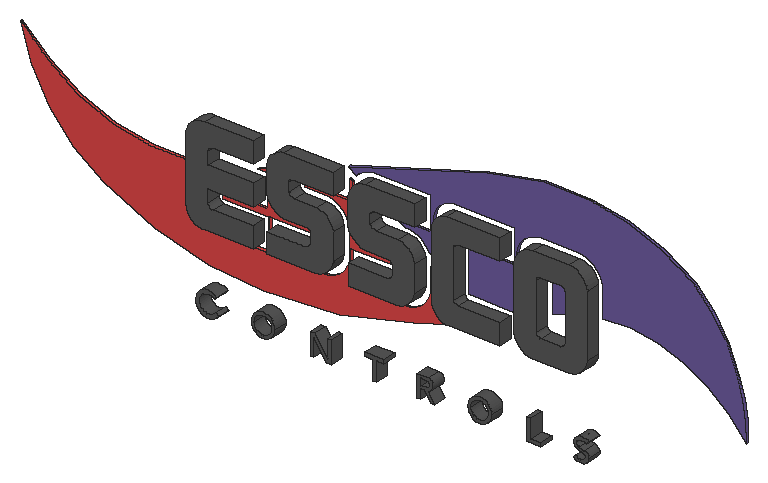
Revit family "ESS Twin", category Mechanical Equipment, Revit 2015
Parameters (values of type "ESS - Twin")
  Voltage = 240 V
  URL = "www.esscocontrols.co.uk"
  Space Heating Supply = 19.1 mm
  Space Heating Return = 19.1 mm
  Min working pressure DHW = "2 Bar"
  Max working temperature = 95 °C
  Max working pressure secondary(heating) = "3 Bar"
  Max working pressure primary = "10 Bar"
  Manufacturer = "Essco Controls Ltd"
  Load Classification = Other
  Heat transfer capacity = "5-70kW"
  External Cover Visibility [instance] = yes
  Domestic Hot Water = 19.1 mm
  Domestic Cold Water Outlet = 19.1 mm
  Domestic Cold Water Inlet = 19.1 mm
  Connections = "¾” BSP Insulated Pipe"
  Central Heating Supply = 19.1 mm
  Central Heating Return = 19.1 mm
Reference planes
  plane 1 "Center (Front/Back)": y = 0
  plane 2: z = 0
  plane 3 "Center (Left/Right)": x = 0
  plane 4: z = -25
Dimensions and locks
  aligned and locked: level to plane 2
Nested families
  nested 1: "ESSCO_Logo" at (100.137, -335.892, 38.538) x (1, 0, 0) z (0, -1, 0), visible <- "External Cover Visibility", type "ESSCO_Logo"
Connectors
  electrical at (285.137, -54.3, 375), driven by "Voltage", driven by "Load Classification"
    settings: on import instance, index 24, voltage 240 V, apparent load 0 VA, apparent load phase1 0 VA, apparent load phase2 0 VA, apparent load phase3 0 VA, power factor 1, load classification "Other", number of poles 1, system type 31, power factor state 1, is connector primary yes, connector utility no, sub classification motor no, connector description ""
  piping at (-220.153, -181.479, -116.3), diameter 19.1, driven by "Domestic Cold Water Outlet"
    settings: on import instance, index 25, connector inside diameter 609.6 mm, connector length 0 mm, flow factor 0, pipe flow 0.0 L/s, pressure drop 0.0 Pa, fitting loss kfactor 0, connector angle 0.00°, fixture units 0, engagement length 0 mm, angle of deflection 0.00°, flow configuration 0, flow direction 0, fitting loss method 0, system type 29, joint type 0, gender type 0, connector reference index -1, connector utility 0, adjustable connector no, is connector primary yes, connector description ""
  piping at (-160.153, -181.5, -116.3), diameter 19.1, driven by "Domestic Hot Water"
    settings: on import instance, index 26, connector inside diameter 609.6 mm, connector length 0 mm, flow factor 0, pipe flow 0.0 L/s, pressure drop 0.0 Pa, fitting loss kfactor 0, connector angle 0.00°, fixture units 0, engagement length 0 mm, angle of deflection 0.00°, flow configuration 0, flow direction 0, fitting loss method 0, system type 29, joint type 0, gender type 0, connector reference index -1, connector utility 0, adjustable connector no, is connector primary no, connector description ""
  piping at (-100.153, -181.5, -116.3), diameter 19.1, driven by "Domestic Cold Water Inlet"
    settings: on import instance, index 27, connector inside diameter 609.6 mm, connector length 0 mm, flow factor 0, pipe flow 0.0 L/s, pressure drop 0.0 Pa, fitting loss kfactor 0, connector angle 0.00°, fixture units 0, engagement length 0 mm, angle of deflection 0.00°, flow configuration 0, flow direction 0, fitting loss method 0, system type 29, joint type 0, gender type 0, connector reference index -1, connector utility 0, adjustable connector no, is connector primary no, connector description ""
  piping at (-40.153, -181.479, -169.3), diameter 19.1, driven by "Central Heating Supply"
    settings: on import instance, index 28, connector inside diameter 609.6 mm, connector length 0 mm, flow factor 0, pipe flow 0.0 L/s, pressure drop 0.0 Pa, fitting loss kfactor 0, connector angle 0.00°, fixture units 0, engagement length 0 mm, angle of deflection 0.00°, flow configuration 0, flow direction 0, fitting loss method 0, system type 29, joint type 0, gender type 0, connector reference index -1, connector utility 0, adjustable connector no, is connector primary no, connector description ""
  piping at (59.847, -181.5, -169.3), diameter 19.1, driven by "Central Heating Return"
    settings: on import instance, index 29, connector inside diameter 609.6 mm, connector length 0 mm, flow factor 0, pipe flow 0.0 L/s, pressure drop 0.0 Pa, fitting loss kfactor 0, connector angle 0.00°, fixture units 0, engagement length 0 mm, angle of deflection 0.00°, flow configuration 0, flow direction 0, fitting loss method 0, system type 29, joint type 0, gender type 0, connector reference index -1, connector utility 0, adjustable connector no, is connector primary no, connector description ""
  piping at (127.347, -181.5, -116.3), diameter 19.1, driven by "Space Heating Return"
    settings: on import instance, index 30, connector inside diameter 609.6 mm, connector length 0 mm, flow factor 0, pipe flow 0.0 L/s, pressure drop 0.0 Pa, fitting loss kfactor 0, connector angle 0.00°, fixture units 0, engagement length 0 mm, angle of deflection 0.00°, flow configuration 0, flow direction 0, fitting loss method 0, system type 29, joint type 0, gender type 0, connector reference index -1, connector utility 0, adjustable connector no, is connector primary no, connector description ""
  piping at (194.847, -181.5, -116.3), diameter 19.1, driven by "Space Heating Supply"
    settings: on import instance, index 31, connector inside diameter 609.6 mm, connector length 0 mm, flow factor 0, pipe flow 0.0 L/s, pressure drop 0.0 Pa, fitting loss kfactor 0, connector angle 0.00°, fixture units 0, engagement length 0 mm, angle of deflection 0.00°, flow configuration 0, flow direction 0, fitting loss method 0, system type 29, joint type 0, gender type 0, connector reference index -1, connector utility 0, adjustable connector no, is connector primary no, connector description ""
Definition of nested family "ESSCO_Logo"
  Parameters (values of type "ESSCO_Logo")
    Default Elevation = 1219.2 mm
  Reference planes
    plane 1 "Center (Front/Back)": y = 0
    plane 2: z = 0
    plane 3 "Center (Left/Right)": x = 0
  Forms (mm)
    Extrusion 1, solid
      sketch origin (0, 0, 0) x (1, 0, 0) y (0, 1, 0)
        loop
          line (-1219.2, 1219.2) -> (-1219.2, -1219.2) -> (1219.2, -1219.2) -> (1219.2, 1219.2) -> (-1219.2, 1219.2)
      from 0 to -304.8
    Extrusion 2, solid, not visible
      sketch origin (-780.708, -218.954, 0) x (1, 0, 0) y (0, 1, 0)
        loop
          line (765.202, 238.25) -> (756.391, 238.25) -> (756.391, 233.65) -> (767.198, 233.65)
          arc (767.198, 233.65) -> (769.96, 234.789) -> (771.37, 237.424) r 4.427
          line (771.37, 237.424) -> (771.37, 243.343)
          arc (771.37, 243.343) -> (770.134, 245.829) -> (767.579, 246.917) r 4.009
          line (767.579, 246.917) -> (762.551, 246.917)
          arc (762.551, 246.917) -> (761.785, 247.313) -> (761.33, 248.046) r 1.623
          line (761.33, 248.046) -> (761.33, 249.986)
          arc (761.33, 249.986) -> (761.654, 250.547) -> (762.251, 250.8) r 1.02
          line (762.251, 250.8) -> (771.404, 250.8) -> (771.404, 255.403) -> (760.268, 255.44)
          arc (760.268, 255.44) -> (757.619, 254.299) -> (756.334, 251.717) r 4.194
          line (756.334, 251.717) -> (756.334, 246.106)
          arc (756.334, 246.106) -> (757.651, 243.547) -> (760.203, 242.217) r 4.751
          line (760.203, 242.217) -> (765.586, 242.217)
          arc (765.586, 242.217) -> (766.07, 241.975) -> (766.346, 241.51) r 0.962
          line (766.346, 241.51) -> (766.346, 239.137)
          arc (766.346, 239.137) -> (765.906, 238.523) -> (765.202, 238.25) r 1.325
        loop
          line (783.58, 238.25) -> (774.77, 238.25) -> (774.77, 233.65) -> (785.576, 233.65)
          arc (785.576, 233.65) -> (788.339, 234.789) -> (789.748, 237.424) r 4.427
          line (789.748, 237.424) -> (789.748, 243.343)
          arc (789.748, 243.343) -> (788.512, 245.829) -> (785.957, 246.917) r 4.009
          line (785.957, 246.917) -> (780.93, 246.917)
          arc (780.93, 246.917) -> (780.163, 247.313) -> (779.709, 248.046) r 1.623
          line (779.709, 248.046) -> (779.709, 249.986)
          arc (779.709, 249.986) -> (780.033, 250.547) -> (780.63, 250.8) r 1.02
          line (780.63, 250.8) -> (789.748, 250.8) -> (789.748, 255.44) -> (778.646, 255.44)
          arc (778.646, 255.44) -> (775.998, 254.299) -> (774.712, 251.717) r 4.194
          line (774.712, 251.717) -> (774.712, 246.106)
          arc (774.712, 246.106) -> (776.029, 243.547) -> (778.581, 242.217) r 4.751
          line (778.581, 242.217) -> (783.964, 242.217)
          arc (783.964, 242.217) -> (784.448, 241.975) -> (784.725, 241.51) r 0.962
          line (784.725, 241.51) -> (784.725, 239.137)
          arc (784.725, 239.137) -> (784.284, 238.523) -> (783.58, 238.25) r 1.325
        loop
          arc (717.483, 233.441) -> (735.006, 226.419) -> (753.742, 224.114) r 73.174
          arc (753.742, 224.114) -> (770.834, 225.296) -> (787.428, 229.555) r 94.158
          arc (787.428, 229.555) -> (791.895, 230.99) -> (796.394, 232.32) r 201.87
          arc (796.394, 232.32) -> (793.235, 234.476) -> (792.132, 238.139) r 5.739
          line (792.132, 238.139) -> (792.132, 241.595) -> (791.372, 242.355) -> (791.372, 237.283)
          arc (791.372, 237.283) -> (789.663, 233.998) -> (786.322, 232.4) r 5.842
          line (786.322, 232.4) -> (773.328, 232.4) -> (773.328, 239.65) -> (783.482, 239.65) -> (783.482, 240.911) -> (779.179, 240.911)
          arc (779.179, 240.911) -> (775.771, 242.07) -> (773.652, 244.981) r 5.959
          line (773.652, 244.981) -> (773.652, 253.178) -> (772.981, 253.68) -> (772.981, 249.258) -> (763.01, 249.258) -> (763.01, 248.456) -> (767.382, 248.456)
          arc (767.382, 248.456) -> (771.397, 246.876) -> (772.976, 242.861) r 5.405
          line (772.976, 242.861) -> (772.976, 236.599)
          arc (772.976, 236.599) -> (771.067, 233.783) -> (767.986, 232.34) r 6.409
          line (767.986, 232.34) -> (755.053, 232.34) -> (755.053, 239.567) -> (764.939, 239.567) -> (764.939, 241.007) -> (759.709, 241.007)
          arc (759.709, 241.007) -> (756.851, 242.484) -> (755.081, 245.171) r 6.362
          line (755.081, 245.171) -> (755.081, 249.384) -> (752.294, 248.345) -> (754.679, 248.345) -> (754.679, 241.129) -> (744.455, 241.129) -> (744.455, 239.567) -> (754.749, 239.567) -> (754.749, 232.34) -> (741.67, 232.34)
          arc (741.67, 232.34) -> (738.35, 233.683) -> (736.534, 236.771) r 5.568
          line (736.534, 236.771) -> (736.534, 244.685)
          arc (736.534, 244.685) -> (715.847, 247.481) -> (698.712, 259.404) r 44.496
          arc (698.712, 259.404) -> (705.364, 244.446) -> (717.483, 233.441) r 39.721
        loop
          line (743.08, 239.396) -> (743.08, 242.228) -> (753.387, 242.228) -> (753.387, 246.947) -> (743.08, 246.947) -> (743.08, 249.826)
          arc (743.08, 249.826) -> (743.449, 250.441) -> (744.096, 250.752) r 1.248
          line (744.096, 250.752) -> (753.304, 250.8) -> (753.304, 255.44) -> (742.382, 255.431)
          arc (742.382, 255.431) -> (739.369, 254.356) -> (738.077, 251.429) r 4.047
          line (738.077, 251.429) -> (738.077, 237.359)
          arc (738.077, 237.359) -> (739.487, 234.55) -> (742.51, 233.689) r 3.906
          line (742.51, 233.689) -> (753.37, 233.689) -> (753.37, 238.311) -> (744.264, 238.311)
          arc (744.264, 238.311) -> (743.477, 238.64) -> (743.08, 239.396) r 1.259
        loop
          arc (793.546, 237.378) -> (794.759, 234.594) -> (797.617, 233.566) r 3.833
          line (797.617, 233.566) -> (808.98, 233.588) -> (808.98, 238.27) -> (799.355, 238.27)
          arc (799.355, 238.27) -> (798.853, 238.601) -> (798.576, 239.135) r 1.192
          line (798.576, 239.135) -> (798.576, 249.851)
          arc (798.576, 249.851) -> (798.93, 250.462) -> (799.568, 250.767) r 1.192
          line (799.568, 250.767) -> (808.996, 250.767) -> (808.98, 255.403) -> (796.945, 255.403)
          arc (796.945, 255.403) -> (794.524, 254.151) -> (793.546, 251.607) r 3.833
          line (793.546, 251.607) -> (793.546, 237.378)
        loop
          arc (822.659, 238.266) -> (823.401, 238.53) -> (823.747, 239.238) r 1.045
          line (823.747, 239.238) -> (823.747, 249.723)
          arc (823.747, 249.723) -> (823.401, 250.43) -> (822.659, 250.695) r 1.045
          line (822.659, 250.695) -> (818.281, 250.695)
          arc (818.281, 250.695) -> (817.539, 250.43) -> (817.192, 249.723) r 1.045
          line (817.192, 249.723) -> (817.192, 239.238)
          arc (817.192, 239.238) -> (817.539, 238.53) -> (818.281, 238.266) r 1.045
          line (818.281, 238.266) -> (822.659, 238.266)
        loop
          arc (828.741, 251.482) -> (827.367, 254.235) -> (824.509, 255.373) r 4.315
          line (824.509, 255.373) -> (816.431, 255.373)
          arc (816.431, 255.373) -> (813.572, 254.235) -> (812.198, 251.482) r 4.315
          line (812.198, 251.482) -> (812.198, 237.479)
          arc (812.198, 237.479) -> (813.572, 234.726) -> (816.431, 233.588) r 4.315
          line (816.431, 233.588) -> (824.509, 233.588)
          arc (824.509, 233.588) -> (827.367, 234.726) -> (828.741, 237.479) r 4.315
          line (828.741, 237.479) -> (828.741, 251.482)
        loop
          arc (804.088, 265.78) -> (788.416, 261.265) -> (772.941, 256.115) r 400.548
          line (772.941, 256.115) -> (774.585, 254.823)
          arc (774.585, 254.823) -> (776.673, 256.358) -> (779.209, 256.888) r 6.1
          line (779.209, 256.888) -> (791.31, 256.888) -> (791.31, 249.288) -> (783.767, 249.288) -> (785.763, 248.243)
          arc (785.763, 248.243) -> (788.787, 247.528) -> (790.824, 245.18) r 5.063
          line (790.824, 245.18) -> (791.97, 244.378) -> (791.97, 251.293)
          arc (791.97, 251.293) -> (793.782, 255.64) -> (798.331, 256.861) r 5.339
          line (798.331, 256.861) -> (810.351, 256.861) -> (810.351, 249.285) -> (799.961, 249.285) -> (799.961, 239.749) -> (810.43, 239.749) -> (810.43, 237.696) -> (810.823, 238.619) -> (810.823, 251.849)
          arc (810.823, 251.849) -> (812.801, 255.554) -> (816.809, 256.808) r 5.542
          line (816.809, 256.808) -> (824.255, 256.808)
          arc (824.255, 256.808) -> (828.188, 255.587) -> (830.208, 251.998) r 5.572
          line (830.208, 251.998) -> (830.208, 245.346)
          arc (830.208, 245.346) -> (839.541, 245.442) -> (848.51, 242.86) r 32.235
          arc (848.51, 242.86) -> (856.311, 238.134) -> (862.633, 231.561) r 35.134
          arc (862.633, 231.561) -> (862.312, 238.055) -> (860.558, 244.316) r 29.111
          arc (860.558, 244.316) -> (856.775, 252.688) -> (850.72, 259.596) r 31.222
          arc (850.72, 259.596) -> (839.727, 265.743) -> (827.396, 268.304) r 41.443
          arc (827.396, 268.304) -> (822.117, 268.545) -> (816.833, 268.418) r 75.982
          arc (816.833, 268.418) -> (810.401, 267.388) -> (804.088, 265.78) r 71.968
        loop
          line (822.364, 243.734) -> (822.364, 249.337) -> (818.831, 249.337) -> (818.831, 242.352)
          arc (818.831, 242.352) -> (820.591, 243.06) -> (822.364, 243.734) r 97.32
        loop
          line (744.61, 220.387) -> (745.176, 220.954)
          arc (745.176, 220.954) -> (740.362, 218.694) -> (745.435, 217.099) r 2.854
          line (745.435, 217.099) -> (744.781, 217.624)
          arc (744.781, 217.624) -> (741.22, 218.791) -> (744.61, 220.387) r 2.016
        loop
          circle (755.539, 218.954) r 2.016
        loop
          circle (755.539, 218.954) r 2.661
        loop
          circle (804.443, 218.954) r 2.016
        loop
          circle (804.443, 218.954) r 2.661
        loop
          line (766.21, 221.451) -> (766.21, 216.54) -> (767.001, 216.54) -> (767.001, 220.549) -> (769.932, 216.48) -> (770.962, 216.48) -> (770.962, 221.433) -> (770.141, 221.433) -> (770.141, 217.282) -> (767.191, 221.451) -> (766.21, 221.451)
        loop
          line (778.523, 221.574) -> (778.523, 220.764) -> (780.333, 220.764) -> (780.333, 216.439) -> (781.143, 216.439) -> (781.143, 220.774) -> (782.864, 220.774) -> (782.864, 221.574) -> (778.523, 221.574)
        loop
          arc (792.613, 218.754) -> (793.911, 219.978) -> (792.858, 221.418) r 1.348
          line (792.858, 221.418) -> (790.282, 221.418) -> (790.282, 216.522) -> (791.092, 216.522) -> (791.092, 218.649) -> (792.005, 218.649) -> (793.291, 216.476) -> (794.238, 216.476) -> (792.613, 218.754)
        loop
          arc (792.589, 219.268) -> (793.17, 220.029) -> (792.601, 220.799) r 0.797
          line (792.601, 220.799) -> (791.092, 220.799) -> (791.092, 219.268) -> (792.589, 219.268)
        loop
          line (815.927, 221.44) -> (815.117, 221.44) -> (815.117, 216.452) -> (818.244, 216.452) -> (818.244, 217.262) -> (815.927, 217.262) -> (815.927, 221.44)
        loop
          line (828.525, 220.587) -> (829.092, 221.154)
          arc (829.092, 221.154) -> (827.218, 221.665) -> (825.676, 220.484) r 2.188
          arc (825.676, 220.484) -> (825.689, 219.876) -> (825.932, 219.317) r 1.575
          arc (825.932, 219.317) -> (826.858, 218.782) -> (827.866, 218.423) r 5.88
          arc (827.866, 218.423) -> (828.262, 218.167) -> (828.332, 217.7) r 0.573
          arc (828.332, 217.7) -> (827.289, 217.01) -> (826.156, 217.541) r 1.277
          line (826.156, 217.541) -> (825.566, 217.024)
          arc (825.566, 217.024) -> (826.655, 216.436) -> (827.892, 216.41) r 2.636
          arc (827.892, 216.41) -> (828.75, 216.933) -> (829.141, 217.859) r 1.639
          arc (829.141, 217.859) -> (828.747, 218.639) -> (827.99, 219.074) r 1.525
          arc (827.99, 219.074) -> (827.407, 219.251) -> (826.839, 219.472) r 7.945
          arc (826.839, 219.472) -> (826.433, 219.861) -> (826.417, 220.423) r 0.742
          arc (826.417, 220.423) -> (827.436, 220.95) -> (828.525, 220.587) r 1.475
      from 0 to 5
    Extrusion 3, solid
      sketch origin (0, 0, 0) x (1, 0, 0) y (0, 1, 0)
        loop
          arc (-63.225, 14.487) -> (-45.702, 7.465) -> (-26.966, 5.16) r 73.174
          arc (-26.966, 5.16) -> (-9.874, 6.342) -> (6.72, 10.601) r 94.158
          arc (6.72, 10.601) -> (11.187, 12.035) -> (15.686, 13.366) r 201.87
          arc (15.686, 13.366) -> (12.526, 15.522) -> (11.424, 19.185) r 5.739
          line (11.424, 19.185) -> (11.424, 22.641) -> (10.664, 23.401) -> (10.664, 18.329)
          arc (10.664, 18.329) -> (8.954, 15.044) -> (5.613, 13.446) r 5.842
          line (5.613, 13.446) -> (-7.38, 13.446) -> (-7.38, 20.696) -> (2.774, 20.696) -> (2.774, 21.957) -> (-1.529, 21.957)
          arc (-1.529, 21.957) -> (-4.937, 23.116) -> (-7.056, 26.027) r 5.959
          line (-7.056, 26.027) -> (-7.056, 34.224) -> (-7.727, 34.726) -> (-7.727, 30.303) -> (-17.698, 30.303) -> (-17.698, 29.502) -> (-13.326, 29.502)
          arc (-13.326, 29.502) -> (-9.311, 27.922) -> (-7.732, 23.907) r 5.405
          line (-7.732, 23.907) -> (-7.732, 17.645)
          arc (-7.732, 17.645) -> (-9.641, 14.829) -> (-12.722, 13.386) r 6.409
          line (-12.722, 13.386) -> (-25.656, 13.386) -> (-25.656, 20.613) -> (-15.769, 20.613) -> (-15.769, 22.053) -> (-20.999, 22.053)
          arc (-20.999, 22.053) -> (-23.857, 23.53) -> (-25.627, 26.217) r 6.362
          line (-25.627, 26.217) -> (-25.627, 30.43) -> (-28.414, 29.391) -> (-26.029, 29.391) -> (-26.029, 22.175) -> (-36.253, 22.175) -> (-36.253, 20.613) -> (-25.96, 20.613) -> (-25.96, 13.386) -> (-39.038, 13.386)
          arc (-39.038, 13.386) -> (-42.359, 14.729) -> (-44.174, 17.817) r 5.568
          line (-44.174, 17.817) -> (-44.174, 25.731)
          arc (-44.174, 25.731) -> (-64.861, 28.527) -> (-81.997, 40.45) r 44.496
          arc (-81.997, 40.45) -> (-75.345, 25.492) -> (-63.225, 14.487) r 39.721
      from 0 to 0.5
    Extrusion 4, solid
      sketch origin (0, 0, 0) x (1, 0, 0) y (0, 1, 0)
        loop
          line (-15.506, 19.296) -> (-24.317, 19.296) -> (-24.317, 14.696) -> (-13.511, 14.696)
          arc (-13.511, 14.696) -> (-10.748, 15.835) -> (-9.338, 18.47) r 4.427
          line (-9.338, 18.47) -> (-9.338, 24.389)
          arc (-9.338, 24.389) -> (-10.574, 26.875) -> (-13.129, 27.962) r 4.009
          line (-13.129, 27.962) -> (-18.157, 27.962)
          arc (-18.157, 27.962) -> (-18.923, 28.359) -> (-19.378, 29.092) r 1.623
          line (-19.378, 29.092) -> (-19.378, 31.031)
          arc (-19.378, 31.031) -> (-19.054, 31.593) -> (-18.457, 31.846) r 1.02
          line (-18.457, 31.846) -> (-9.304, 31.846) -> (-9.304, 36.448) -> (-20.441, 36.486)
          arc (-20.441, 36.486) -> (-23.089, 35.344) -> (-24.374, 32.763) r 4.194
          line (-24.374, 32.763) -> (-24.374, 27.151)
          arc (-24.374, 27.151) -> (-23.058, 24.593) -> (-20.506, 23.263) r 4.751
          line (-20.506, 23.263) -> (-15.122, 23.263)
          arc (-15.122, 23.263) -> (-14.639, 23.021) -> (-14.362, 22.556) r 0.962
          line (-14.362, 22.556) -> (-14.362, 20.182)
          arc (-14.362, 20.182) -> (-14.802, 19.569) -> (-15.506, 19.296) r 1.325
        loop
          line (2.872, 19.296) -> (-5.938, 19.296) -> (-5.938, 14.696) -> (4.868, 14.696)
          arc (4.868, 14.696) -> (7.631, 15.835) -> (9.04, 18.47) r 4.427
          line (9.04, 18.47) -> (9.04, 24.389)
          arc (9.04, 24.389) -> (7.804, 26.875) -> (5.249, 27.962) r 4.009
          line (5.249, 27.962) -> (0.221, 27.962)
          arc (0.221, 27.962) -> (-0.545, 28.359) -> (-0.999, 29.092) r 1.623
          line (-0.999, 29.092) -> (-0.999, 31.031)
          arc (-0.999, 31.031) -> (-0.676, 31.593) -> (-0.078, 31.846) r 1.02
          line (-0.078, 31.846) -> (9.04, 31.846) -> (9.04, 36.486) -> (-2.062, 36.486)
          arc (-2.062, 36.486) -> (-4.711, 35.344) -> (-5.996, 32.763) r 4.194
          line (-5.996, 32.763) -> (-5.996, 27.151)
          arc (-5.996, 27.151) -> (-4.679, 24.593) -> (-2.127, 23.263) r 4.751
          line (-2.127, 23.263) -> (3.256, 23.263)
          arc (3.256, 23.263) -> (3.74, 23.021) -> (4.016, 22.556) r 0.962
          line (4.016, 22.556) -> (4.016, 20.182)
          arc (4.016, 20.182) -> (3.576, 19.569) -> (2.872, 19.296) r 1.325
        loop
          line (-37.628, 20.441) -> (-37.628, 23.273) -> (-27.321, 23.273) -> (-27.321, 27.993) -> (-37.628, 27.993) -> (-37.628, 30.871)
          arc (-37.628, 30.871) -> (-37.259, 31.487) -> (-36.612, 31.797) r 1.248
          line (-36.612, 31.797) -> (-27.404, 31.846) -> (-27.404, 36.486) -> (-38.326, 36.476)
          arc (-38.326, 36.476) -> (-41.34, 35.401) -> (-42.631, 32.474) r 4.047
          line (-42.631, 32.474) -> (-42.631, 18.405)
          arc (-42.631, 18.405) -> (-41.221, 15.595) -> (-38.198, 14.735) r 3.906
          line (-38.198, 14.735) -> (-27.338, 14.735) -> (-27.338, 19.357) -> (-36.444, 19.357)
          arc (-36.444, 19.357) -> (-37.232, 19.686) -> (-37.628, 20.441) r 1.259
        loop
          arc (12.838, 18.424) -> (14.051, 15.64) -> (16.909, 14.612) r 3.833
          line (16.909, 14.612) -> (28.272, 14.634) -> (28.272, 19.316) -> (18.647, 19.316)
          arc (18.647, 19.316) -> (18.145, 19.647) -> (17.868, 20.181) r 1.192
          line (17.868, 20.181) -> (17.868, 30.896)
          arc (17.868, 30.896) -> (18.221, 31.508) -> (18.859, 31.812) r 1.192
          line (18.859, 31.812) -> (28.288, 31.812) -> (28.272, 36.448) -> (16.237, 36.448)
          arc (16.237, 36.448) -> (13.816, 35.197) -> (12.838, 32.653) r 3.833
          line (12.838, 32.653) -> (12.838, 18.424)
        loop
          arc (41.95, 19.312) -> (42.692, 19.576) -> (43.039, 20.284) r 1.045
          line (43.039, 20.284) -> (43.039, 30.769)
          arc (43.039, 30.769) -> (42.692, 31.476) -> (41.95, 31.741) r 1.045
          line (41.95, 31.741) -> (37.572, 31.741)
          arc (37.572, 31.741) -> (36.83, 31.476) -> (36.484, 30.769) r 1.045
          line (36.484, 30.769) -> (36.484, 20.284)
          arc (36.484, 20.284) -> (36.83, 19.576) -> (37.572, 19.312) r 1.045
          line (37.572, 19.312) -> (41.95, 19.312)
        loop
          arc (48.033, 32.528) -> (46.659, 35.281) -> (43.8, 36.419) r 4.315
          line (43.8, 36.419) -> (35.722, 36.419)
          arc (35.722, 36.419) -> (32.864, 35.281) -> (31.49, 32.528) r 4.315
          line (31.49, 32.528) -> (31.49, 18.524)
          arc (31.49, 18.524) -> (32.864, 15.772) -> (35.722, 14.634) r 4.315
          line (35.722, 14.634) -> (43.8, 14.634)
          arc (43.8, 14.634) -> (46.659, 15.772) -> (48.033, 18.524) r 4.315
          line (48.033, 18.524) -> (48.033, 32.528)
      from 0 to 3
    Extrusion 5, solid
      sketch origin (0, 0, 0) x (1, 0, 0) y (0, 1, 0)
        loop
          arc (23.38, 46.826) -> (7.708, 42.311) -> (-7.767, 37.161) r 400.548
          line (-7.767, 37.161) -> (-6.123, 35.868)
          arc (-6.123, 35.868) -> (-4.036, 37.404) -> (-1.5, 37.934) r 6.1
          line (-1.5, 37.934) -> (10.602, 37.934) -> (10.602, 30.334) -> (3.059, 30.334) -> (5.054, 29.289)
          arc (5.054, 29.289) -> (8.079, 28.573) -> (10.116, 26.226) r 5.063
          line (10.116, 26.226) -> (11.261, 25.423) -> (11.261, 32.338)
          arc (11.261, 32.338) -> (13.074, 36.686) -> (17.622, 37.907) r 5.339
          line (17.622, 37.907) -> (29.643, 37.907) -> (29.643, 30.331) -> (19.253, 30.331) -> (19.253, 20.794) -> (29.722, 20.794) -> (29.722, 18.741) -> (30.115, 19.665) -> (30.115, 32.895)
          arc (30.115, 32.895) -> (32.092, 36.6) -> (36.1, 37.854) r 5.542
          line (36.1, 37.854) -> (43.546, 37.854)
          arc (43.546, 37.854) -> (47.479, 36.633) -> (49.5, 33.044) r 5.572
          line (49.5, 33.044) -> (49.5, 26.392)
          arc (49.5, 26.392) -> (58.833, 26.487) -> (67.802, 23.905) r 32.235
          arc (67.802, 23.905) -> (75.603, 19.18) -> (81.924, 12.606) r 35.134
          arc (81.924, 12.606) -> (81.604, 19.101) -> (79.849, 25.362) r 29.111
          arc (79.849, 25.362) -> (76.067, 33.734) -> (70.011, 40.642) r 31.222
          arc (70.011, 40.642) -> (59.019, 46.789) -> (46.688, 49.349) r 41.443
          arc (46.688, 49.349) -> (41.408, 49.591) -> (36.125, 49.464) r 75.982
          arc (36.125, 49.464) -> (29.693, 48.434) -> (23.38, 46.826) r 71.968
        loop
          line (41.656, 24.78) -> (41.656, 30.383) -> (38.123, 30.383) -> (38.123, 23.397)
          arc (38.123, 23.397) -> (39.882, 24.106) -> (41.656, 24.78) r 97.32
      from 0 to 0.5
    Extrusion 6, solid
      sketch origin (0, 0, 0) x (1, 0, 0) y (0, 1, 0)
        loop
          line (-36.099, 1.433) -> (-35.532, 2)
          arc (-35.532, 2) -> (-40.346, -0.26) -> (-35.273, -1.855) r 2.854
          line (-35.273, -1.855) -> (-35.927, -1.33)
          arc (-35.927, -1.33) -> (-39.488, -0.164) -> (-36.099, 1.433) r 2.016
        loop
          circle (-25.169, 0) r 2.016
        loop
          circle (-25.169, 0) r 2.661
        loop
          circle (23.735, 0) r 2.016
        loop
          circle (23.735, 0) r 2.661
        loop
          line (-14.498, 2.497) -> (-14.498, -2.414) -> (-13.707, -2.414) -> (-13.707, 1.595) -> (-10.777, -2.474) -> (-9.747, -2.474) -> (-9.747, 2.479) -> (-10.567, 2.479) -> (-10.567, -1.672) -> (-13.517, 2.497) -> (-14.498, 2.497)
        loop
          line (-2.186, 2.62) -> (-2.186, 1.81) -> (-0.375, 1.81) -> (-0.375, -2.515) -> (0.435, -2.515) -> (0.435, 1.82) -> (2.156, 1.82) -> (2.156, 2.62) -> (-2.186, 2.62)
        loop
          arc (11.904, -0.2) -> (13.203, 1.023) -> (12.15, 2.464) r 1.348
          line (12.15, 2.464) -> (9.574, 2.464) -> (9.574, -2.432) -> (10.384, -2.432) -> (10.384, -0.305) -> (11.296, -0.305) -> (12.583, -2.479) -> (13.53, -2.479) -> (11.904, -0.2)
        loop
          arc (11.881, 0.314) -> (12.462, 1.075) -> (11.893, 1.845) r 0.797
          line (11.893, 1.845) -> (10.384, 1.845) -> (10.384, 0.314) -> (11.881, 0.314)
        loop
          line (35.218, 2.486) -> (34.408, 2.486) -> (34.408, -2.502) -> (37.536, -2.502) -> (37.536, -1.692) -> (35.218, -1.692) -> (35.218, 2.486)
        loop
          line (47.816, 1.633) -> (48.384, 2.2)
          arc (48.384, 2.2) -> (46.51, 2.711) -> (44.968, 1.53) r 2.188
          arc (44.968, 1.53) -> (44.981, 0.921) -> (45.224, 0.363) r 1.575
          arc (45.224, 0.363) -> (46.15, -0.172) -> (47.157, -0.531) r 5.88
          arc (47.157, -0.531) -> (47.554, -0.787) -> (47.623, -1.254) r 0.573
          arc (47.623, -1.254) -> (46.58, -1.945) -> (45.448, -1.413) r 1.277
          line (45.448, -1.413) -> (44.858, -1.93)
          arc (44.858, -1.93) -> (45.947, -2.518) -> (47.184, -2.545) r 2.636
          arc (47.184, -2.545) -> (48.041, -2.021) -> (48.432, -1.095) r 1.639
          arc (48.432, -1.095) -> (48.038, -0.316) -> (47.281, 0.12) r 1.525
          arc (47.281, 0.12) -> (46.698, 0.297) -> (46.131, 0.518) r 7.945
          arc (46.131, 0.518) -> (45.725, 0.907) -> (45.709, 1.469) r 0.742
          arc (45.709, 1.469) -> (46.728, 1.996) -> (47.816, 1.633) r 1.475
      from 0 to 3
  Dimensions and locks
    aligned and locked: plane 2 to Extrusion 1
    aligned and locked: level to Extrusion 1
